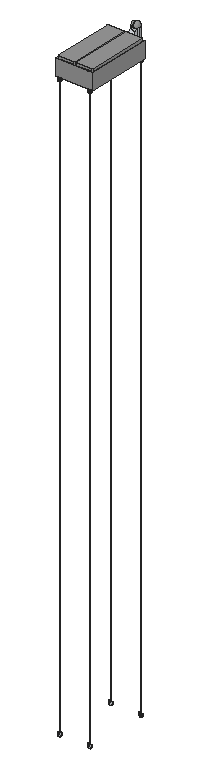
Revit family "62160", category Lighting Fixtures, host Face, Revit 2018
Family settings
  Host = Face
  Round Connector Dimension = Use Diameter
  Part Type = Normal
  OmniClass Number = 23.80.70.00
  OmniClass Title = Lighting
  Cut with Voids When Loaded = No
  Light Source = Yes
  Shared = No
  Room Calculation Point = No
Parameters (values of type "0062160 KUBIXX 4000K 9KLM AISLE SSA N")
  Weight = "n/a"
  Wattage Comments = ""
  Wattage = 9.2903 W
  WarrantyStartDate [instance] = "n/a"
  WarrantyGuarantorParts = "n/a"
  WarrantyDurationUnit = "n/a"
  WarrantyDurationParts = ""
  WarrantyDescription = "http://www.sylvania-lighting.com"
  built-in parameter 1150110 = 1 (stored number, unit not read)
  Voltage = 0 V
  URL = "0"
  TypeName = "KubiXx 4000K 9KLM AISLE SSA N"
  Type Image = <None>
  Type Comments = "n/a"
  built-in parameter 1114217 = 1 (stored number, unit not read)
  Total Length = 411.857 mm
  Tilt Angle = -90.00°
  built-in parameter 1150109 = 1 (stored number, unit not read)
  built-in parameter 1150134 = 3
  Suspension height = 3000 mm
  built-in parameter 1150113 = 1 (stored number, unit not read)
  SerialNumber [instance] = "n/a"
  Photometric Web File = "0062160.IES"
  Material_3_SYL = none
  PowerFactor = 0
  PowerConsumption = "Lighting"
  NominalLength = 190 mm
  NominalHeight = 94 mm
  NominalDepth = 330 mm
  Name = "KubiXx 4000K 9KLM AISLE SSA N"
  ModelReference = Name  # "KubiXx 4000K 9KLM AISLE SSA N"
  ModelNumber = "0062160"
  Model = Name  # "KubiXx 4000K 9KLM AISLE SSA N"
  Material = "Feilo Sylvania"
  ManufacturerName = "173 lm/W"
  Manufacturer = ""
  LuminousEfficacy = ""
  built-in parameter 1150105 = 109.82 (stored number, unit not read)
  Lumens = 1380 lm
  LuminaireType = "0"
  built-in parameter 1150115 = 1 (stored number, unit not read)
  LightOutputRatio = "LED"
  built-in parameter 1150137 = (empty or 0)
  built-in parameter 1150139 = (empty or 0)
  LampsType = Lamp  # "n/a"
  LampNominalLuminous = "4000 K"
  LampMacAdamStep = "80"
  LampColourTemperature = "LED"
  LampColourRenderingIndex = "16500"
  built-in parameter 1150112 = 1 (stored number, unit not read)
  built-in parameter 1150114 = 1 (stored number, unit not read)
  Lamp = "n/a"
  Keynote = "n/a"
  InstallationDate [instance] = "n/a"
  InputVoltage = "0"
  InputNominalFrequency = "4000"
  built-in parameter 1150132 = (empty or 0)
  built-in parameter 1150102 = (empty or 0)
  built-in parameter 1150107 = 3200 (stored number, unit not read)
  built-in parameter 1150138 = (empty or 0)
  IngressProtection = "IfcLightFixtureType"
  ImpactProtectionIndex = "IfcLightFixtureType"
  built-in parameter 1150106 = 1.0982 (stored number, unit not read)
  IfcExportType = "IfcLightFixtureType"
  IfcExportAs = "Class I"
  Emit from Circle Diameter = 609.6 mm
  Emit Shape Visible in Rendering = no
  ElectricShockClassification = "173"
  built-in parameter 1150104 = 13.8 (stored number, unit not read)
  DocumentationLiterature = "http://www.sylvania-lighting.com/product/en-int/products/0062160"
  DimmingControlOptions = "n/a"
  Material_2_SYL = none
  Dimming Lamp Color Temperature Shift = <None>
  Description = "Logistics and Industry high bay luminaire with wide optics to provide homogenous light distribution for open space areas. lumens, W, lm/W, 4000K, CRI80, wide beam optic, SylSmart SSA dimmable, 3 step MacAdam ellipse, grey finish (RAL7012), Class 1, 220-240V, IP65, IK06."
  Default Elevation = 1219.2 mm
  CreatedOn = "07/11/2023"
  CreatedBy = "@sylvania-lighting.com"
  Cost = 0
  Color Filter = 16777215
  built-in parameter 1114216 [instance] = (empty or 0)
  ClassificationValue = "EF_70_80"
  ClassificationName = "Uniclass2015"
  Material_1_SYL = none
  BarCode [instance] = "n/a"
  built-in parameter 1114218 = 1 (stored number, unit not read)
  built-in parameter 1150133 = 10 (stored number, unit not read)
  AssetType = "Fixed"
  AssetIdentifier [instance] = "n/a"
  Assembly Code = "D5020200"
  Apparent Load = 0 VA
  Material_4_SYL = none
Reference planes
  plane 1 "Center (Front/Back)": y = 0
  plane 2: z = 0
  plane 3 "Center (Left/Right)": x = 0
  plane 4: x = -95
  plane 5: x = 95
  plane 6: y = 165
  plane 7: y = -165
  plane 8: z = 94
  plane 9: y = 160
  plane 10: y = -160
  plane 11: x = -93.6
  plane 12: x = -89.2
  plane 13: x = -2.2
  plane 14: x = 2.2
  plane 15: x = 89.2
  plane 16: x = 93.6
  plane 17: x = 77.2
  plane 18: x = -77.2
  plane 19: x = -87.2
  plane 20: x = -67.2
  plane 21: z = -18
  plane 22: y = 162
  plane 23: z = -8
  plane 24: y = -162
  plane 25: z = 3083
  plane 26: z = 3094
  plane 27: y = 163.5
  plane 28: z = 3000
  plane 29: z = 2982
  plane 30: y = -275
  plane 31: z = 3051.416
  plane 32: z = 3086.416
  plane 33: z = 3075.416
  plane 34: y = -213
  plane 35: y = -255
  plane 36: z = 3081.416
  plane 37: x = 0
  plane 38: x = -20.5
  plane 39: x = 20.5
  plane 40: z = 3071
  plane 41: y = -259
  plane 42: y = -243
  plane 43: y = -200
  plane 44: y = 246.857
Forms (mm)
  Extrusion 1, solid, material "Aluminum", detail levels medium+fine
    sketch origin (0, 0, 0) x (1, 0, 0) y (0, 1, 0)
      loop
        line (-95, 165) -> (-95, -165) -> (95, -165) -> (95, 165) -> (-95, 165)
    from 3000 to 3083
  Extrusion 2, solid, material "Acetal Resin, White", detail levels medium+fine
    sketch origin (91.4, 0, 0) x (1, 0, 0) y (0, 1, 0)
      loop
        arc (-175.6, 160) -> (-179.136, 158.536) -> (-180.6, 155) r 5
        line (-180.6, 155) -> (-180.6, -155)
        arc (-180.6, -155) -> (-179.136, -158.536) -> (-175.6, -160) r 5
        line (-175.6, -160) -> (-98.6, -160)
        arc (-98.6, -160) -> (-95.064, -158.536) -> (-93.6, -155) r 5
        line (-93.6, -155) -> (-93.6, 155)
        arc (-93.6, 155) -> (-95.064, 158.536) -> (-98.6, 160) r 5
        line (-98.6, 160) -> (-175.6, 160)
    from 3083 to 3094
  Extrusion 3, solid, material "Acetal Resin, White", detail levels medium+fine
    sketch origin (182.8, 0, 0) x (1, 0, 0) y (0, 1, 0)
      loop
        arc (-175.6, 160) -> (-179.136, 158.536) -> (-180.6, 155) r 5
        line (-180.6, 155) -> (-180.6, -155)
        arc (-180.6, -155) -> (-179.136, -158.536) -> (-175.6, -160) r 5
        line (-175.6, -160) -> (-98.6, -160)
        arc (-98.6, -160) -> (-95.064, -158.536) -> (-93.6, -155) r 5
        line (-93.6, -155) -> (-93.6, 155)
        arc (-93.6, 155) -> (-95.064, 158.536) -> (-98.6, 160) r 5
        line (-98.6, 160) -> (-175.6, 160)
    from 3083 to 3094
  Extrusion 4, solid
    sketch origin (0, 0, 0) x (1, 0, 0) y (0, 0, 1)
      loop
        line (-87.2, 0) -> (-87.2, -8)
        arc (-87.2, -8) -> (-84.271, -15.071) -> (-77.2, -18) r 10
        arc (-77.2, -18) -> (-70.129, -15.071) -> (-67.2, -8) r 10
        line (-67.2, -8) -> (-67.2, 0) -> (-87.2, 0)
    from -165 to -162
  Extrusion 5, void
    sketch origin (0, 0, 0) x (1, 0, 0) y (0, 0, 1)
      loop
        circle (-77.2, -8) r 3
    from -169.572 to 175.485
  Extrusion 6, solid
    sketch origin (154.4, 0, 0) x (1, 0, 0) y (0, 0, 1)
      loop
        line (-87.2, 0) -> (-87.2, -8)
        arc (-87.2, -8) -> (-84.271, -15.071) -> (-77.2, -18) r 10
        arc (-77.2, -18) -> (-70.129, -15.071) -> (-67.2, -8) r 10
        line (-67.2, -8) -> (-67.2, 0) -> (-87.2, 0)
    from -165 to -162
  Extrusion 7, void
    sketch origin (154.4, 0, 0) x (1, 0, 0) y (0, 0, 1)
      loop
        circle (-77.2, -8) r 3
    from -169.572 to 188.62
  Extrusion 8, solid
    sketch origin (0, 0, 0) x (1, 0, 0) y (0, 0, 1)
      loop
        line (-87.2, 0) -> (-87.2, -8)
        arc (-87.2, -8) -> (-84.271, -15.071) -> (-77.2, -18) r 10
        arc (-77.2, -18) -> (-70.129, -15.071) -> (-67.2, -8) r 10
        line (-67.2, -8) -> (-67.2, 0) -> (-87.2, 0)
    from 162 to 165
  Extrusion 9, solid
    sketch origin (153.445, 0, 0) x (1, 0, 0) y (0, 0, 1)
      loop
        line (-86.235, 0) -> (-86.235, -7.889)
        arc (-86.235, -7.889) -> (-83.306, -14.96) -> (-76.235, -17.889) r 10
        arc (-76.235, -17.889) -> (-69.163, -14.96) -> (-66.235, -7.889) r 10
        line (-66.235, -7.889) -> (-66.235, 0) -> (-86.235, 0)
    from 162 to 165
  Extrusion 10, solid, material "Aluminum", detail levels fine
    sketch origin (0, 0, 2992) x (1, 0, 0) y (0, 0, 1)
      loop
        line (-87.2, 8) -> (-87.2, 0)
        arc (-87.2, 0) -> (-84.271, -7.071) -> (-77.2, -10) r 10
        arc (-77.2, -10) -> (-70.129, -7.071) -> (-67.2, 0) r 10
        line (-67.2, 0) -> (-67.2, 8) -> (-87.2, 8)
    from -165 to -162
  Extrusion 11, void
    sketch origin (0.086, 0, 2990.692) x (1, 0, 0) y (0, 0, 1)
      loop
        circle (-77.2, 0) r 3
    from -169.572 to 175.485
  Extrusion 12, solid, material "Aluminum", detail levels fine
    sketch origin (154.4, 0, 2992) x (1, 0, 0) y (0, 0, 1)
      loop
        line (-87.2, 8) -> (-87.2, 0)
        arc (-87.2, 0) -> (-84.271, -7.071) -> (-77.2, -10) r 10
        arc (-77.2, -10) -> (-70.129, -7.071) -> (-67.2, 0) r 10
        line (-67.2, 0) -> (-67.2, 8) -> (-87.2, 8)
    from -165 to -162
  Extrusion 13, void
    sketch origin (154.475, 0, 2991.254) x (1, 0, 0) y (0, 0, 1)
      loop
        circle (-77.2, 0) r 3
    from -169.572 to 188.62
  Extrusion 14, solid, material "Aluminum", detail levels fine
    sketch origin (0, 0, 2992) x (1, 0, 0) y (0, 0, 1)
      loop
        line (-87.2, 8) -> (-87.2, 0)
        arc (-87.2, 0) -> (-84.271, -7.071) -> (-77.2, -10) r 10
        arc (-77.2, -10) -> (-70.129, -7.071) -> (-67.2, 0) r 10
        line (-67.2, 0) -> (-67.2, 8) -> (-87.2, 8)
    from 162 to 165
  Extrusion 15, solid, material "Aluminum", detail levels fine
    sketch origin (153.445, 0, 2992) x (1, 0, 0) y (0, 0, 1)
      loop
        line (-86.235, 8) -> (-86.235, 0.111)
        arc (-86.235, 0.111) -> (-83.306, -6.96) -> (-76.235, -9.889) r 10
        arc (-76.235, -9.889) -> (-69.163, -6.96) -> (-66.235, 0.111) r 10
        line (-66.235, 0.111) -> (-66.235, 8) -> (-86.235, 8)
    from 162 to 165
  Extrusion 16, solid, material "Stainless Steel"
    sketch origin (0, 0, 0) x (1, 0, 0) y (0, 1, 0)
      loop
        circle (-77.2, 163.5) r 1
    from 0 to 3000
  Extrusion 17, solid, material "Stainless Steel"
    sketch origin (154.4, 0, 0) x (1, 0, 0) y (0, 1, 0)
      loop
        circle (-77.2, 163.5) r 1
    from 0 to 3000
  Extrusion 18, solid, material "Stainless Steel"
    sketch origin (0, -327, 0) x (1, 0, 0) y (0, 1, 0)
      loop
        circle (-77.2, 163.5) r 1
    from 0 to 3000
  Extrusion 19, solid, material "Stainless Steel"
    sketch origin (154.386, -327.05, 0) x (1, 0, 0) y (0, 1, 0)
      loop
        circle (-77.2, 163.5) r 1
    from 0 to 3000
  Extrusion 20, solid, detail levels coarse
    sketch origin (0, 0, 0) x (1, 0, 0) y (0, 0, 1)
      loop
        line (-95, 3094) -> (-95, 0) -> (95, 0) -> (95, 3094) -> (-95, 3094)
    from -246.857 to 165
  Extrusion 21, solid, material "Acetal Resin, White", not visible
    sketch origin (319, 1524, 1219.2) x (0, 1, 0) y (0, 0, 1)
      loop
        line (-1689, 1833.8) -> (-1689, 1863.8) -> (-1799, 1863.8) -> (-1799, 1833.8) -> (-1689, 1833.8)
    from -339.5 to -298.5
  Revolve 22, solid, material "Acetal Resin, White", not visible
    sketch origin (-0.37, 1524, 1219.2) x (0, 1, 0) y (0, 0, 1)
      loop
        line (-1783, 1851.8) -> (-1767, 1851.8)
        arc (-1767, 1851.8) -> (-1773.505, 1859.304) -> (-1783, 1862.216) r 18.002
        line (-1783, 1862.216) -> (-1783, 1851.8)
      axis (-1783, 1862.216) -> (-1783, 1851.8)
    angle from -180 to 179.537
  Extrusion 23, solid, material "Acetal Resin, White", not visible
    sketch origin (319, 1524, 1219.2) x (0, 1, 0) y (0, 0, 1)
      loop
        line (-1689, 1833.8) -> (-1689, 1863.8) -> (-1799, 1863.8) -> (-1799, 1833.8) -> (-1689, 1833.8)
    from -339.5 to -298.5
  Extrusion 24, void, not visible
    sketch origin (0, 0, 0) x (1, 0, 0) y (0, 1, 0)
      loop
        line (-20.5, -254.5) -> (-20.5, -275) -> (0, -275)
        arc (0, -275) -> (-14.496, -268.996) -> (-20.5, -254.5) r 20.5
    from 3000 to 3132.374
  Extrusion 25, void, not visible
    sketch origin (0, 0, 0) x (1, 0, 0) y (0, 1, 0)
      loop
        arc (20.5, -254.5) -> (14.496, -268.996) -> (0, -275) r 20.5
        line (0, -275) -> (20.5, -275) -> (20.5, -254.5)
    from 3030.992 to 3095.862
  Extrusion 26, void, not visible
    sketch origin (319, 1524, 1219.2) x (0, 1, 0) y (0, 0, 1)
      loop
        line (-1724, 1863.8) -> (-1799, 1863.8) -> (-1799, 1851.8) -> (-1767, 1851.8) -> (-1724, 1863.8)
    from -390.202 to -258.5
  Revolve 27, solid, material "Acetal Resin, White", not visible
    sketch origin (-0.37, 1524, 1219.2) x (0, 1, 0) y (0, 0, 1)
      loop
        line (-1783, 1851.8) -> (-1767, 1851.8)
        arc (-1767, 1851.8) -> (-1773.505, 1859.304) -> (-1783, 1862.216) r 18.002
        line (-1783, 1862.216) -> (-1783, 1851.8)
      axis (-1783, 1862.216) -> (-1783, 1851.8)
    angle from -180 to 179.537
  Extrusion 28, solid, material "Acetal Resin, White", not visible
    sketch origin (319, 1524, 1219.2) x (0, 1, 0) y (0, 0, 1)
      loop
        line (-1689, 1833.8) -> (-1689, 1863.8) -> (-1799, 1863.8) -> (-1799, 1833.8) -> (-1689, 1833.8)
    from -339.5 to -298.5
  Extrusion 29, void, not visible
    sketch origin (0, 0, 0) x (1, 0, 0) y (0, 1, 0)
      loop
        line (-20.5, -254.5) -> (-20.5, -275) -> (0, -275)
        arc (0, -275) -> (-14.496, -268.996) -> (-20.5, -254.5) r 20.5
    from 3000 to 3132.374
  Extrusion 30, void, not visible
    sketch origin (0, 0, 0) x (1, 0, 0) y (0, 1, 0)
      loop
        arc (20.5, -254.5) -> (14.496, -268.996) -> (0, -275) r 20.5
        line (0, -275) -> (20.5, -275) -> (20.5, -254.5)
    from 3030.992 to 3095.862
  Extrusion 31, void, not visible
    sketch origin (319, 1524, 1219.2) x (0, 1, 0) y (0, 0, 1)
      loop
        line (-1724, 1863.8) -> (-1799, 1863.8) -> (-1799, 1851.8) -> (-1767, 1851.8) -> (-1724, 1863.8)
    from -390.202 to -258.5
  Revolve 32, solid, material "Acetal Resin, White", not visible
    sketch origin (-0.37, 1524, 1219.2) x (0, 1, 0) y (0, 0, 1)
      loop
        line (-1783, 1851.8) -> (-1767, 1851.8)
        arc (-1767, 1851.8) -> (-1773.505, 1859.304) -> (-1783, 1862.216) r 18.002
        line (-1783, 1862.216) -> (-1783, 1851.8)
      axis (-1783, 1862.216) -> (-1783, 1851.8)
    angle from -180 to 179.537
  Blend 33, solid
    base sketch origin (0, -0.051, 0) x (1, 0, 0) y (0, 1, 0)
      loop
        circle (0, 228) r 19
    top sketch origin (0, -0.051, 0) x (1, 0, 0) y (0, 1, 0)
      loop
        circle (0, 228) r 19
    from 3039 to 3094
  Revolve 34, solid, material "Acetal Resin, White"
    sketch origin (-0.021, 1523.949, 1219.237) x (0, 1, 0) y (0, 0, 1)
      loop
        line (-1296, 1874.8) -> (-1277, 1874.8)
        arc (-1277, 1874.8) -> (-1282.5, 1888.6) -> (-1296, 1894.8) r 20
        line (-1296, 1894.8) -> (-1296, 1874.8)
      axis (-1296, 1894.8) -> (-1296, 1874.8)
    angle from 179.389 to 539.028
  Extrusion 35, solid
    sketch origin (0, -0.051, 0) x (1, 0, 0) y (0, 1, 0)
      loop
        line (-13.5, 214.609) -> (-13.5, 165) -> (13.5, 165) -> (13.5, 214.609) -> (-13.5, 214.609)
    from 3039 to 3083
  Extrusion 36, void
    sketch origin (319, 1523.949, 1219.2) x (0, 1, 0) y (0, 0, 1)
      loop
        line (-1309.391, 1863.8) -> (-1359, 1863.8) -> (-1359, 1843.8) -> (-1333.226, 1843.8) -> (-1309.391, 1863.8)
    from -343.775 to -294
  Blend 37, solid, not visible
    base sketch origin (0, 0, 0) x (1, 0, 0) y (0, 1, 0)
      loop
        circle (0, 228) r 19
    top sketch origin (0, 0, 0) x (1, 0, 0) y (0, 1, 0)
      loop
        circle (0, 228) r 19
    from 3039 to 3094
  Revolve 38, solid, material "Acetal Resin, White", not visible
    sketch origin (-0.021, 1524, 1219.237) x (0, 1, 0) y (0, 0, 1)
      loop
        line (-1296, 1874.8) -> (-1277, 1874.8)
        arc (-1277, 1874.8) -> (-1282.5, 1888.6) -> (-1296, 1894.8) r 20
        line (-1296, 1894.8) -> (-1296, 1874.8)
      axis (-1296, 1894.8) -> (-1296, 1874.8)
    angle from 179.389 to 539.028
  Extrusion 39, solid, not visible
    sketch origin (0, 0, 0) x (1, 0, 0) y (0, 1, 0)
      loop
        line (-13.5, 214.609) -> (-13.5, 165) -> (13.5, 165) -> (13.5, 214.609) -> (-13.5, 214.609)
    from 3039 to 3083
  Extrusion 40, void, not visible
    sketch origin (319, 1524, 1219.2) x (0, 1, 0) y (0, 0, 1)
      loop
        line (-1309.391, 1863.8) -> (-1359, 1863.8) -> (-1359, 1843.8) -> (-1333.226, 1843.8) -> (-1309.391, 1863.8)
    from -343.775 to -294
Cuts and joins
  Extrusion 5, Extrusion 7, Extrusion 11 cuts Extrusion 4
  Extrusion 7, Extrusion 13 cuts Extrusion 6
  Extrusion 5, Extrusion 11 cuts Extrusion 8
  Extrusion 7, Extrusion 13 cuts Extrusion 9
  Extrusion 11 cuts Extrusion 10
  Extrusion 11 cuts Extrusion 14
  Extrusion 13 cuts Extrusion 12
  Extrusion 13 cuts Extrusion 15
  Extrusion 36 cuts Extrusion 35
Dimensions and locks
  "NominalLength": plane 4 to plane 5
  equal spacing: plane 4, plane 3 "Center (Left/Right)", plane 5
  "NominalDepth": plane 6 to plane 7
  equal spacing: plane 6, plane 1 "Center (Front/Back)", plane 7
  "NominalHeight": plane 8 to level
  Extrusion 3 to plane 3 "Center (Left/Right)" = 2.2 mm
  plane 3 "Center (Left/Right)" to Extrusion 2 = 89.2 mm
  "Suspension height": level to plane 28
  plane 26 to plane 25 = 11 mm
  "NominalHeight": plane 28 to plane 26
  "Total Length": plane 44 to plane 7
  aligned and locked: plane 2 to host face
  aligned and locked: level to host face
Automatic sketch dimensions
  host sketch curve to host sketch curve = 2438.4 mm  (x2)
  Extrusion 1 sketch curve to plane 4 = 0 mm
  Extrusion 1 sketch curve to plane 5 = 0 mm
  Extrusion 1 sketch curve to plane 7 = 0 mm
  Extrusion 1 sketch curve to plane 6 = 0 mm
  Extrusion 2 sketch curve to plane 12 = 0 mm
  Extrusion 2 sketch curve to plane 10 = 0 mm
  Extrusion 2 sketch curve to plane 9 = 0 mm
  Extrusion 2 sketch curve to plane 13 = 0 mm
  plane 19 to Extrusion 2 sketch curve = 3 mm  (x2)
  Extrusion 2 sketch curve to plane 9 = 5 mm
  Extrusion 2 sketch curve to plane 13 = 5 mm
  Extrusion 3 sketch curve to plane 14 = 0 mm
  Extrusion 3 sketch curve to plane 10 = 0 mm
  Extrusion 3 sketch curve to plane 9 = 0 mm
  Extrusion 3 sketch curve to plane 15 = 0 mm
  plane 14 to Extrusion 3 sketch curve = 5 mm  (x2)
  Extrusion 3 sketch curve to plane 9 = 5 mm
  Extrusion 3 sketch curve to plane 15 = 5 mm
  Extrusion 4 sketch curve to Extrusion 4 sketch curve = 0 mm  (x2)
  Extrusion 4 sketch curve to plane 19 = 0 mm
  Extrusion 4 sketch curve to plane 18 = 0 mm
  Extrusion 4 sketch curve to plane 21 = 0 mm
  Extrusion 4 sketch curve to level = 0 mm
  Extrusion 5 sketch curve to plane 18 = 0 mm
  Extrusion 5 sketch curve to plane 23 = 0 mm
  Extrusion 6 sketch curve to Extrusion 6 sketch curve = 0 mm  (x2)
  Extrusion 6 sketch curve to plane 23 = 0 mm
  Extrusion 6 sketch curve to level = 0 mm
  Extrusion 6 sketch curve to plane 17 = 0 mm
  Extrusion 6 sketch curve to plane 21 = 0 mm
  Extrusion 7 sketch curve to plane 17 = 0 mm
  Extrusion 7 sketch curve to plane 23 = 0 mm
  Extrusion 8 sketch curve to Extrusion 8 sketch curve = 0 mm  (x2)
  Extrusion 8 sketch curve to plane 19 = 0 mm
  Extrusion 8 sketch curve to plane 18 = 0 mm
  Extrusion 8 sketch curve to plane 21 = 0 mm
  Extrusion 8 sketch curve to level = 0 mm
  Extrusion 9 sketch curve to Extrusion 9 sketch curve = 0 mm  (x2)
  Extrusion 9 sketch curve to level = 0 mm
  plane 23 to Extrusion 9 sketch curve = 0.111 mm
  Extrusion 9 sketch curve to plane 17 = 9.989 mm
  plane 17 to Extrusion 9 sketch curve = 0.011 mm
  Extrusion 10 sketch curve to plane 19 = 0 mm
  Extrusion 10 sketch curve to plane 18 = 0 mm
  plane 18 to Extrusion 11 sketch curve = 0.086 mm
  Extrusion 12 sketch curve to Extrusion 12 sketch curve = 0 mm  (x2)
  Extrusion 12 sketch curve to plane 17 = 0 mm
  plane 17 to Extrusion 13 sketch curve = 0.075 mm
  Extrusion 14 sketch curve to plane 19 = 0 mm
  Extrusion 14 sketch curve to plane 18 = 0 mm
  Extrusion 15 sketch curve to Extrusion 15 sketch curve = 0 mm  (x2)
  Extrusion 15 sketch curve to plane 17 = 9.989 mm
  plane 17 to Extrusion 15 sketch curve = 0.011 mm
  Extrusion 16 sketch curve to plane 18 = 0 mm
  Extrusion 16 sketch curve to plane 27 = 0 mm
  Extrusion 17 sketch curve to plane 17 = 0 mm
  plane 27 to Extrusion 17 sketch curve = 0 mm
  Extrusion 18 sketch curve to plane 18 = 0 mm
  plane 7 to Extrusion 18 sketch curve = 1.5 mm
  plane 1 "Center (Front/Back)" to Extrusion 19 sketch curve = 163.55 mm
  plane 18 to Extrusion 19 sketch curve = 154.386 mm
  Extrusion 10 sketch curve to Extrusion 10 sketch curve = 0 mm  (x2)
  Extrusion 12 sketch curve to plane 17 = 10 mm
  Extrusion 14 sketch curve to Extrusion 14 sketch curve = 0 mm  (x2)
  Extrusion 20 sketch curve to level = 0 mm
  Extrusion 20 sketch curve to plane 4 = 0 mm
  Extrusion 20 sketch curve to plane 5 = 0 mm
  plane 25 to Extrusion 20 sketch curve = 11 mm
  Extrusion 10 sketch curve to plane 28 = 0 mm
  Extrusion 12 sketch curve to plane 28 = 0 mm
  Extrusion 14 sketch curve to plane 28 = 0 mm
  Extrusion 15 sketch curve to plane 28 = 0 mm
  Extrusion 10 sketch curve to plane 29 = 0 mm
  plane 29 to Extrusion 11 sketch curve = 8.692 mm
  Extrusion 12 sketch curve to plane 29 = 0 mm
  Extrusion 13 sketch curve to plane 28 = 8.746 mm
  Extrusion 14 sketch curve to plane 29 = 0 mm
  Extrusion 15 sketch curve to plane 28 = 7.889 mm
  Revolve 22 sketch curve to Revolve 22 sketch curve = 2.581 mm
  Extrusion 21 sketch curve to Extrusion 21 sketch curve = 110 mm
  Extrusion 21 sketch curve to Extrusion 21 sketch curve = 30 mm
  Revolve 22 sketch curve to Revolve 22 sketch curve = 0.327 mm
  Revolve 22 sketch curve to Revolve 22 sketch curve = 16 mm
  Revolve 22 sketch curve to Revolve 22 sketch curve = 7.582 mm
  Revolve 22 sketch curve to Revolve 22 sketch curve = 0 mm
  Revolve 22 sketch curve to Revolve 22 sketch curve = 3.524 mm
  Revolve 27 sketch curve to Revolve 27 sketch curve = 2.581 mm
  Extrusion 23 sketch curve to Extrusion 23 sketch curve = 110 mm
  Extrusion 23 sketch curve to Extrusion 23 sketch curve = 30 mm
  Revolve 27 sketch curve to Revolve 27 sketch curve = 0.327 mm
  Revolve 27 sketch curve to Revolve 27 sketch curve = 16 mm
  Revolve 27 sketch curve to Revolve 27 sketch curve = 7.582 mm
  Revolve 27 sketch curve to Revolve 27 sketch curve = 0 mm
  Revolve 27 sketch curve to Revolve 27 sketch curve = 3.524 mm
  Extrusion 24 sketch curve to Extrusion 24 sketch curve = 20.5 mm
  Extrusion 25 sketch curve to Extrusion 25 sketch curve = 20.5 mm
  Extrusion 26 sketch curve to Extrusion 26 sketch curve = 32 mm
  Extrusion 26 sketch curve to Extrusion 26 sketch curve = 43 mm
  Extrusion 26 sketch curve to Extrusion 26 sketch curve = 12 mm
  Revolve 32 sketch curve to Revolve 32 sketch curve = 2.581 mm
  Extrusion 28 sketch curve to Extrusion 28 sketch curve = 110 mm
  Extrusion 28 sketch curve to Extrusion 28 sketch curve = 30 mm
  Revolve 32 sketch curve to Revolve 32 sketch curve = 0.327 mm
  Revolve 32 sketch curve to Revolve 32 sketch curve = 16 mm
  Revolve 32 sketch curve to Revolve 32 sketch curve = 7.582 mm
  Revolve 32 sketch curve to Revolve 32 sketch curve = 0 mm
  Revolve 32 sketch curve to Revolve 32 sketch curve = 3.524 mm
  Extrusion 29 sketch curve to Extrusion 29 sketch curve = 20.5 mm
  Extrusion 30 sketch curve to Extrusion 30 sketch curve = 20.5 mm
  Extrusion 31 sketch curve to Extrusion 31 sketch curve = 32 mm
  Extrusion 31 sketch curve to Extrusion 31 sketch curve = 43 mm
  Extrusion 31 sketch curve to Extrusion 31 sketch curve = 12 mm
  Revolve 34 sketch curve to Revolve 34 sketch curve = 1 mm
  Revolve 34 sketch curve to Revolve 34 sketch curve = 19 mm
  Revolve 34 sketch curve to Revolve 34 sketch curve = 0.025 mm
  Revolve 34 sketch curve to Revolve 34 sketch curve = 0 mm
  Revolve 34 sketch curve to Revolve 34 sketch curve = 8.022 mm
  Revolve 34 sketch curve to Revolve 34 sketch curve = 11.978 mm
  Extrusion 35 sketch curve to Extrusion 35 sketch curve = 27 mm
  Extrusion 35 sketch curve to Extrusion 35 sketch curve = 49.609 mm
  Extrusion 36 sketch curve to Extrusion 36 sketch curve = 25.774 mm
  Extrusion 36 sketch curve to Extrusion 36 sketch curve = 23.835 mm
  Extrusion 36 sketch curve to Extrusion 36 sketch curve = 20 mm
  Revolve 38 sketch curve to Revolve 38 sketch curve = 1 mm
  Revolve 38 sketch curve to Revolve 38 sketch curve = 19 mm
  Revolve 38 sketch curve to Revolve 38 sketch curve = 0.025 mm
  Revolve 38 sketch curve to Revolve 38 sketch curve = 0 mm
  Revolve 38 sketch curve to Revolve 38 sketch curve = 8.022 mm
  Revolve 38 sketch curve to Revolve 38 sketch curve = 11.978 mm
  Extrusion 39 sketch curve to Extrusion 39 sketch curve = 27 mm
  Extrusion 39 sketch curve to Extrusion 39 sketch curve = 49.609 mm
  Extrusion 40 sketch curve to Extrusion 40 sketch curve = 25.774 mm
  Extrusion 40 sketch curve to Extrusion 40 sketch curve = 23.835 mm
  Extrusion 40 sketch curve to Extrusion 40 sketch curve = 20 mm
  Blend 33 sketch curve to plane 3 "Center (Left/Right)" = 0 mm  (x2)
  Blend 33 sketch curve to plane 44 = 18.908 mm  (x2)
  plane 26 to Revolve 34 sketch curve = 0.062 mm
  Revolve 34 sketch curve to plane 44 = 19.908 mm
  Extrusion 35 sketch curve to plane 6 = 0.051 mm
  plane 38 to Extrusion 35 sketch curve = 7 mm
  Extrusion 36 sketch curve to plane 25 = 0 mm
  Extrusion 36 sketch curve to plane 6 = 0.051 mm
  radius of Extrusion 5 sketch curve = 3 mm
  radius of Extrusion 7 sketch curve = 3 mm
  radius of Extrusion 11 sketch curve = 3 mm
  radius of Extrusion 13 sketch curve = 3 mm
  radius of Extrusion 16 sketch curve = 1 mm
  radius of Extrusion 17 sketch curve = 1 mm
  radius of Extrusion 18 sketch curve = 1 mm
  radius of Extrusion 19 sketch curve = 1 mm
  radius of Blend 33 sketch curve = 19 mm  (x2)
  radius of Blend 37 sketch curve = 19 mm  (x2)
Connectors
  electrical at (0, 0, 3000)
    settings: on Extrusion 1, index 1, voltage 0 V, apparent load 0 VA, apparent load phase1 0 VA, apparent load phase2 0 VA, apparent load phase3 0 VA, power factor 1, load classification "Other", number of poles 1, system type 31, power factor state 1, is connector primary yes, connector utility no, sub classification motor no, connector description ""
